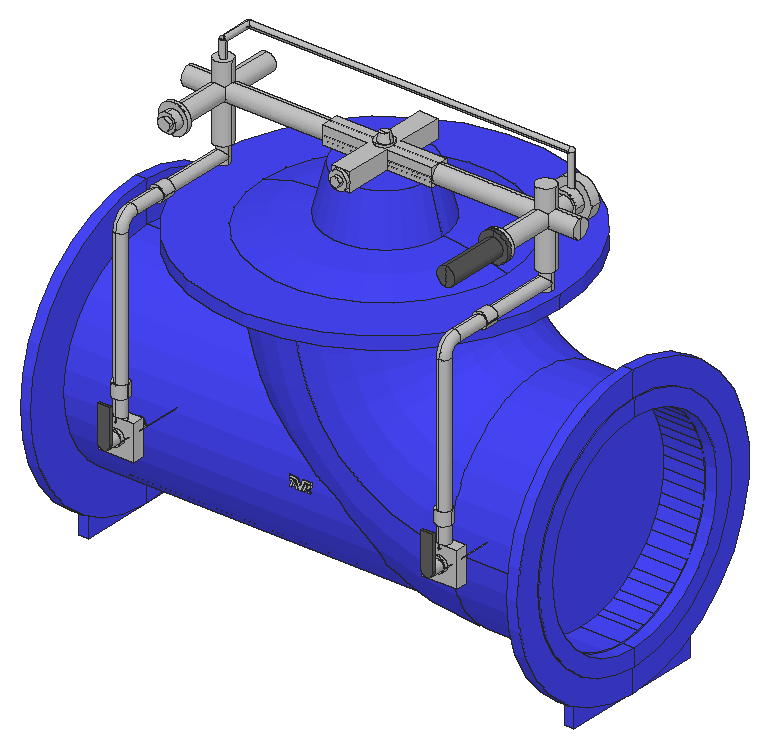
Revit family "859-001X-001 DN350-600 final", category Pipe Accessories, Revit 2022 (continued)
Types (36, lengths in mm): name | sweep_box2 | sweep_box1 | sweep_H1 | sweep_H | sweep_D | sweep_2 | sweep1 | sweep/2 | sweep | nut_dim | Wd2 | Wd1 | Sweep_R | L3 | dim1 | centre | W22 | W2 | W11 | W1 | W | Thickness1 | Thickness | Raised_dis | Raised_R | Nut_T | Nut_Dim2 | Nut_Dim1 | L | H4 | H33 | H3 | FL_T | D | DN | Control_dim7 | Control_dim6 | Control_dim5 | Control_dim4 | Control_dim3 | Control_dim2 | Control_dim1 | Conrol_dim. | Centre_nut | Centre_D1 | Centre_D | Bore2 | Bore1 | Bore | Bonnet_dim3 | Bonnet_dim2 | Bonnet_dim1_H1 | Bonnet_dim1_H | Bonnet_dim1 | Bonnet_R | Bonnet_D1 | Bonnet_D | Bolt_Dia | Body_Rib_L | Body_H | Actuator_d | Actuator_L1 | Actuator_L
  DN500_PN16_Pilot range ( 1.5 - 6) | 22.1 | 50 | 74.393 | 535.275 | 34 | 8.5 | 17 | 8.5 | 37.4 | 214.5 | 465 | 395.25 | 25.5 | 495.495 | 186 | 390.39 | 372 | 465 | 336.18 | 465 | 448 | 22.68 | 18.9 | 4 | 42.9 | 25.2 | 9.009 | 57.46 | 1250 | 92.644 | 46.322 | 1181 | 31.5 | 357.5 | 500.5 | 49.257 | 36.486 | 30.405 | 386.1 | 11.261 | 135.135 | 22.523 | 255.255 | 75 | 80 | 100 | 375.375 | 300.3 | 250.25 | 112.613 | 150.15 | 669.094 | 53.138 | 300.3 | 450.45 | 429 | 214.5 | 44.2 | 178.75 | 429 | 59.108 | 188.325 | 209.25
  DN500_PN16_Pilot range ( 5 - 10) | 22.1 | 50 | 74.393 | 535.275 | 34 | 8.5 | 17 | 8.5 | 37.4 | 214.5 | 465 | 395.25 | 25.5 | 495.495 | 186 | 390.546 | 372 | 465 | 336.18 | 465 | 448 | 22.68 | 18.9 | 5 | 42.86 | 25.2 | 9.009 | 57.46 | 1250 | 92.644 | 46.322 | 1181 | 31.5 | 357.5 | 500.7 | 49.257 | 36.486 | 30.405 | 386.1 | 11.261 | 135.135 | 22.523 | 255.255 | 75 | 80 | 100 | 375.525 | 300.42 | 250.35 | 112.613 | 150.15 | 669.094 | 53.138 | 300.3 | 450.45 | 429 | 214.5 | 44.2 | 178.75 | 429 | 59.108 | 188.325 | 209.25
  DN500_PN16_Pilot range ( 10 - 16) | 22.1 | 50 | 74.393 | 535.275 | 34 | 8.5 | 17 | 8.5 | 37.4 | 214.5 | 465 | 395.25 | 25.5 | 495.495 | 186 | 390.468 | 372 | 465 | 336.18 | 465 | 448 | 22.68 | 18.9 | 4 | 42.88 | 25.2 | 9.009 | 57.46 | 1250 | 92.644 | 46.322 | 1181 | 31.5 | 357.5 | 500.6 | 49.257 | 36.486 | 30.405 | 386.1 | 11.261 | 135.135 | 22.523 | 255.255 | 75 | 80 | 100 | 375.45 | 300.36 | 250.3 | 112.613 | 150.15 | 669.094 | 53.138 | 300.3 | 450.45 | 429 | 214.5 | 44.2 | 178.75 | 429 | 59.108 | 188.325 | 209.25
  DN500_PN16_Pilot range ( 0.3 - 1.5) | 22.1 | 50 | 74.393 | 535.275 | 34 | 8.5 | 17 | 8.5 | 37.4 | 214.5 | 465 | 395.25 | 25.5 | 495.495 | 186 | 390.312 | 372 | 465 | 336.18 | 465 | 448 | 22.68 | 18.9 | 4 | 42.92 | 25.2 | 9.009 | 57.46 | 1250 | 92.644 | 46.322 | 1181 | 31.5 | 357.5 | 500.4 | 49.257 | 36.486 | 30.405 | 386.1 | 11.261 | 135.135 | 22.523 | 255.255 | 75 | 80 | 100 | 375.3 | 300.24 | 250.2 | 112.613 | 150.15 | 669.094 | 53.138 | 300.3 | 450.45 | 429 | 214.5 | 44.2 | 178.75 | 429 | 59.108 | 188.325 | 209.25
  DN600_PN10_Pilot range ( 0.3 - 1.5) | 22.1 | 50 | 43.05 | 565.5 | 34 | 8.5 | 17 | 8.5 | 37.4 | 252 | 509 | 432.65 | 25.5 | 582.12 | 203.6 | 468.078 | 407.2 | 509 | 370.5 | 509 | 492 | 21.6 | 18 | 5 | 47.98 | 24 | 10.584 | 57.46 | 1450 | 97.875 | 48.937 | 1290 | 30 | 420 | 600.1 | 57.868 | 42.865 | 35.721 | 453.6 | 13.23 | 158.76 | 26.46 | 299.88 | 75 | 80 | 100 | 450.075 | 360.06 | 300.05 | 132.3 | 176.4 | 706.875 | 30.75 | 352.8 | 529.2 | 504 | 252 | 44.2 | 210 | 504 | 69.442 | 206.145 | 229.05
  DN600_PN10_Pilot range ( 5 - 10) | 22.1 | 50 | 43.05 | 565.5 | 34 | 8.5 | 17 | 8.5 | 37.4 | 252 | 509 | 432.65 | 25.5 | 582.12 | 203.6 | 468.156 | 407.2 | 509 | 370.5 | 509 | 492 | 21.6 | 18 | 5 | 47.96 | 24 | 10.584 | 57.46 | 1450 | 97.875 | 48.937 | 1290 | 30 | 420 | 600.2 | 57.868 | 42.865 | 35.721 | 453.6 | 13.23 | 158.76 | 26.46 | 299.88 | 75 | 80 | 100 | 450.15 | 360.12 | 300.1 | 132.3 | 176.4 | 706.875 | 30.75 | 352.8 | 529.2 | 504 | 252 | 44.2 | 210 | 504 | 69.442 | 206.145 | 229.05
  DN600_PN10_Pilot range ( 1.5 - 6) | 22.1 | 50 | 43.05 | 565.5 | 34 | 8.5 | 17 | 8.5 | 37.4 | 252 | 509 | 432.65 | 25.5 | 582.12 | 203.6 | 468.234 | 407.2 | 509 | 370.5 | 509 | 492 | 25.92 | 21.6 | 5 | 47.94 | 28.8 | 10.584 | 57.46 | 1450 | 97.875 | 48.937 | 1290 | 36 | 420 | 600.3 | 57.868 | 42.865 | 35.721 | 453.6 | 13.23 | 158.76 | 26.46 | 299.88 | 75 | 80 | 100 | 450.225 | 360.18 | 300.15 | 132.3 | 176.4 | 706.875 | 30.75 | 352.8 | 529.2 | 504 | 252 | 44.2 | 210 | 504 | 69.442 | 206.145 | 229.05
  DN600_PN16_Pilot range ( 1.5 - 6) | 22.1 | 50 | 43.05 | 565.5 | 34 | 8.5 | 17 | 8.5 | 37.4 | 252 | 509 | 432.65 | 25.5 | 582.12 | 203.6 | 468.39 | 407.2 | 509 | 370.5 | 509 | 492 | 25.92 | 21.6 | 5 | 47.9 | 28.8 | 10.584 | 57.46 | 1450 | 97.875 | 48.937 | 1290 | 36 | 420 | 600.5 | 57.868 | 42.865 | 35.721 | 453.6 | 13.23 | 158.76 | 26.46 | 299.88 | 75 | 80 | 100 | 450.375 | 360.3 | 300.25 | 132.3 | 176.4 | 706.875 | 30.75 | 352.8 | 529.2 | 504 | 252 | 44.2 | 210 | 504 | 69.442 | 206.145 | 229.05
  DN600_PN16_Pilot range ( 5 - 10) | 22.1 | 50 | 43.05 | 565.5 | 34 | 8.5 | 17 | 8.5 | 37.4 | 252 | 509 | 432.65 | 25.5 | 582.12 | 203.6 | 468.546 | 407.2 | 509 | 370.5 | 509 | 492 | 25.92 | 21.6 | 5 | 47.86 | 28.8 | 10.584 | 57.46 | 1450 | 97.875 | 48.937 | 1290 | 36 | 420 | 600.7 | 57.868 | 42.865 | 35.721 | 453.6 | 13.23 | 158.76 | 26.46 | 299.88 | 75 | 80 | 100 | 450.525 | 360.42 | 300.35 | 132.3 | 176.4 | 706.875 | 30.75 | 352.8 | 529.2 | 504 | 252 | 44.2 | 210 | 504 | 69.442 | 206.145 | 229.05
  DN600_PN16_Pilot range ( 10 - 16) | 22.1 | 50 | 43.05 | 565.5 | 34 | 8.5 | 17 | 8.5 | 37.4 | 252 | 509 | 432.65 | 25.5 | 582.12 | 203.6 | 468.468 | 407.2 | 509 | 370.5 | 509 | 492 | 25.92 | 21.6 | 5 | 47.88 | 28.8 | 10.584 | 57.46 | 1450 | 97.875 | 48.937 | 1290 | 36 | 420 | 600.6 | 57.868 | 42.865 | 35.721 | 453.6 | 13.23 | 158.76 | 26.46 | 299.88 | 75 | 80 | 100 | 450.45 | 360.36 | 300.3 | 132.3 | 176.4 | 706.875 | 30.75 | 352.8 | 529.2 | 504 | 252 | 44.2 | 210 | 504 | 69.442 | 206.145 | 229.05
  DN600_PN16_Pilot range ( 0.3 - 1.5) | 22.1 | 50 | 43.05 | 565.5 | 34 | 8.5 | 17 | 8.5 | 37.4 | 252 | 509 | 432.65 | 25.5 | 582.12 | 203.6 | 468.312 | 407.2 | 509 | 370.5 | 509 | 492 | 25.92 | 21.6 | 5 | 47.92 | 28.8 | 10.584 | 57.46 | 1450 | 97.875 | 48.937 | 1290 | 36 | 420 | 600.4 | 57.868 | 42.865 | 35.721 | 453.6 | 13.23 | 158.76 | 26.46 | 299.88 | 75 | 80 | 100 | 450.3 | 360.24 | 300.2 | 132.3 | 176.4 | 706.875 | 30.75 | 352.8 | 529.2 | 504 | 252 | 44.2 | 210 | 504 | 69.442 | 206.145 | 229.05
